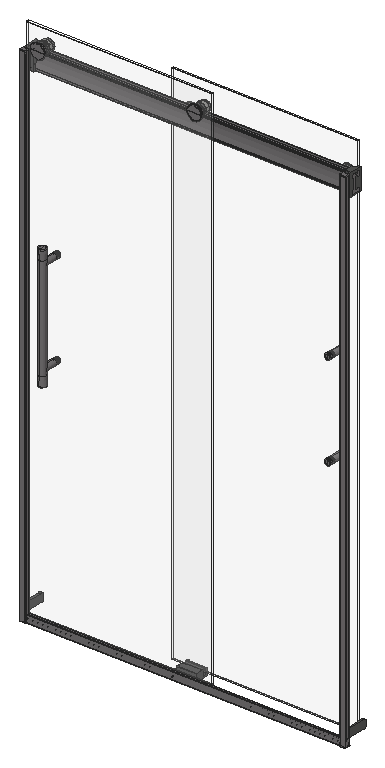
Revit family "Shower-Shower_Door-KOHLER-Elmbrook-K-706852_1", category Specialty Equipment, host Face, Revit 2022 (continued)
Definition of nested family "K-706852"
  Automatic sketch dimensions
    Revolve 23 sketch curve to Revolve 23 sketch curve = 1.9474"
    level to Revolve 23 sketch curve = 32.55626"
    Revolve 23 sketch curve to Revolve 23 sketch curve = 0.00016"
    Revolve 23 sketch curve to Revolve 23 sketch curve = 0.19606"
    Revolve 23 sketch curve to Revolve 23 sketch curve = 0.1978"  (x2)
    Revolve 23 sketch curve to Revolve 23 sketch curve = 0.19427"
    Revolve 23 sketch curve to Revolve 23 sketch curve = 0.04399"
    plane 1 "Center (Front/Back)" to Revolve 24 sketch curve = 0.4188"
    Revolve 24 sketch curve to Revolve 24 sketch curve = 0.289"
    Revolve 24 sketch curve to Revolve 24 sketch curve = 0.32266"
    Revolve 24 sketch curve to Revolve 24 sketch curve = 1.9474"
    level to Revolve 24 sketch curve = 45.95052"
    Revolve 24 sketch curve to Revolve 24 sketch curve = 0.1978"  (x2)
    Revolve 24 sketch curve to Revolve 24 sketch curve = 0.1959"
    Revolve 24 sketch curve to Revolve 24 sketch curve = 0.39386"
    Revolve 24 sketch curve to Revolve 24 sketch curve = 0.19427"
    Revolve 24 sketch curve to Revolve 24 sketch curve = 0.04399"
    plane 1 "Center (Front/Back)" to Revolve 25 sketch curve = 2.50044"
    Revolve 25 sketch curve to Revolve 25 sketch curve = 0.52471"
    level to Revolve 25 sketch curve = 30.99378"
    Revolve 25 sketch curve to Revolve 25 sketch curve = 16.91346"
    Revolve 25 sketch curve to Revolve 25 sketch curve = 0"
    Revolve 25 sketch curve to Revolve 25 sketch curve = 0.98425"
    Revolve 25 sketch curve to Revolve 25 sketch curve = 2.16535"
    plane 1 "Center (Front/Back)" to Extrusion 26 sketch curve = 1.12353"
    Extrusion 26 sketch curve to plane 1 "Center (Front/Back)" = 1.71523"
    level to Extrusion 26 sketch curve = 1.05363"
    Extrusion 26 sketch curve to Extrusion 26 sketch curve = 1.07373"
    plane 1 "Center (Front/Back)" to Extrusion 27 sketch curve = 1.15678"
    Extrusion 27 sketch curve to plane 1 "Center (Front/Back)" = 1.46195"
    Extrusion 27 sketch curve to Extrusion 27 sketch curve = 0.00562"
    Extrusion 27 sketch curve to Extrusion 27 sketch curve = 0.25328"
    level to Extrusion 27 sketch curve = 1.05363"
    Extrusion 27 sketch curve to Extrusion 27 sketch curve = 0.5728"
    plane 1 "Center (Front/Back)" to Revolve 28 sketch curve = 0.00084"
    Revolve 28 sketch curve to plane 1 "Center (Front/Back)" = 0.18617"
    Revolve 28 sketch curve to Revolve 28 sketch curve = 0.18701"
    Revolve 28 sketch curve to Revolve 28 sketch curve = 0.04912"
    Revolve 28 sketch curve to Revolve 28 sketch curve = 0.14598"
    Revolve 28 sketch curve to Revolve 28 sketch curve = 0.18733"
    Revolve 28 sketch curve to Revolve 28 sketch curve = 0.0319"
    Revolve 28 sketch curve to plane 1 "Center (Front/Back)" = 0.85345"
    Revolve 28 sketch curve to Revolve 28 sketch curve = 0.28035"
    Revolve 28 sketch curve to Revolve 28 sketch curve = 0.04889"
    Revolve 28 sketch curve to Revolve 28 sketch curve = 0.52474"
    Revolve 28 sketch curve to Revolve 28 sketch curve = 0.02846"
    Revolve 28 sketch curve to Revolve 28 sketch curve = 0.043"
    Revolve 28 sketch curve to Revolve 28 sketch curve = 0.03165"
    Revolve 28 sketch curve to Revolve 28 sketch curve = 0.03767"
    level to Revolve 28 sketch curve = 67.03334"
    Revolve 28 sketch curve to Revolve 28 sketch curve = 0.60422"
    Revolve 28 sketch curve to Revolve 28 sketch curve = 0.01613"
    Revolve 28 sketch curve to Revolve 28 sketch curve = 0.00616"
    Revolve 28 sketch curve to Revolve 28 sketch curve = 0.8462"
    Revolve 28 sketch curve to Revolve 28 sketch curve = 0.03122"
    Revolve 28 sketch curve to Revolve 28 sketch curve = 0.07583"
    Revolve 28 sketch curve to Revolve 28 sketch curve = 0.17616"
    Revolve 28 sketch curve to Revolve 28 sketch curve = 0.02921"
    Revolve 28 sketch curve to Revolve 28 sketch curve = 0.20814"
    Revolve 28 sketch curve to Revolve 28 sketch curve = 0.28535"
    Revolve 28 sketch curve to Revolve 28 sketch curve = 0.1928"
    Revolve 28 sketch curve to Revolve 28 sketch curve = 0.25792"
    Revolve 28 sketch curve to Revolve 28 sketch curve = 0"  (x2)
    Revolve 28 sketch curve to Revolve 28 sketch curve = 0.01571"
    Revolve 28 sketch curve to Revolve 28 sketch curve = 0.45341"
    plane 1 "Center (Front/Back)" to Revolve 29 sketch curve = 0.00084"
    Revolve 29 sketch curve to plane 1 "Center (Front/Back)" = 0.73839"
    Revolve 29 sketch curve to Revolve 29 sketch curve = 0.28035"
    Revolve 29 sketch curve to Revolve 29 sketch curve = 0.65431"
    level to Revolve 29 sketch curve = 67.63936"
    Revolve 29 sketch curve to Revolve 29 sketch curve = 0.17347"
    Revolve 29 sketch curve to Revolve 29 sketch curve = 0.17376"
    Revolve 29 sketch curve to Revolve 29 sketch curve = 0.30846"
    Revolve 29 sketch curve to Revolve 29 sketch curve = 0.33514"
    Revolve 29 sketch curve to Revolve 29 sketch curve = 0.01571"
    Revolve 29 sketch curve to Revolve 29 sketch curve = 0.45341"
    Revolve 29 sketch curve to Revolve 29 sketch curve = 0"
    Revolve 30 sketch curve to plane 1 "Center (Front/Back)" = 2.93157"
    Revolve 30 sketch curve to plane 1 "Center (Front/Back)" = 0.79099"
    Revolve 30 sketch curve to Revolve 30 sketch curve = 0.32266"
    Revolve 30 sketch curve to plane 1 "Center (Front/Back)" = 0.17934"
    level to Revolve 30 sketch curve = 32.55626"
    Revolve 30 sketch curve to Revolve 30 sketch curve = 0.00016"
    Revolve 30 sketch curve to Revolve 30 sketch curve = 0.19606"
    Revolve 30 sketch curve to Revolve 30 sketch curve = 0.1978"  (x2)
    Revolve 30 sketch curve to Revolve 30 sketch curve = 0.04399"
    plane 1 "Center (Front/Back)" to Revolve 30 sketch curve = 0.01493"
    Revolve 31 sketch curve to plane 1 "Center (Front/Back)" = 2.98226"
    Revolve 31 sketch curve to plane 1 "Center (Front/Back)" = 0.85589"
    Revolve 31 sketch curve to Revolve 31 sketch curve = 0.02555"
    Revolve 31 sketch curve to Revolve 31 sketch curve = 0.03934"
    Revolve 31 sketch curve to Revolve 31 sketch curve = 0.30204"
    Revolve 31 sketch curve to Revolve 31 sketch curve = 0.02062"
    Revolve 31 sketch curve to Revolve 31 sketch curve = 0.0381"
    Revolve 31 sketch curve to Revolve 31 sketch curve = 0.02644"
    Revolve 31 sketch curve to plane 1 "Center (Front/Back)" = 0.20162"
    Revolve 31 sketch curve to Revolve 31 sketch curve = 0.02229"
    level to Revolve 31 sketch curve = 32.55626"
    Revolve 31 sketch curve to Revolve 31 sketch curve = 0.00016"
    Revolve 31 sketch curve to Revolve 31 sketch curve = 1/64"
    Revolve 31 sketch curve to Revolve 31 sketch curve = 0.0158"
    Revolve 31 sketch curve to Revolve 31 sketch curve = 0.15948"
    Revolve 31 sketch curve to Revolve 31 sketch curve = 0.39386"
    Revolve 31 sketch curve to Revolve 31 sketch curve = 0.06461"
    plane 1 "Center (Front/Back)" to Revolve 31 sketch curve = 0.01493"
    Revolve 31 sketch curve to Revolve 31 sketch curve = 0.1978"
    Revolve 32 sketch curve to plane 1 "Center (Front/Back)" = 3.02679"
    Revolve 32 sketch curve to Revolve 32 sketch curve = 0.52471"
    level to Revolve 32 sketch curve = 30.99378"
    Revolve 32 sketch curve to Revolve 32 sketch curve = 16.91346"
    Revolve 32 sketch curve to Revolve 32 sketch curve = 0"
    Revolve 32 sketch curve to Revolve 32 sketch curve = 0.98425"
    Revolve 32 sketch curve to Revolve 32 sketch curve = 2.16535"
    Revolve 33 sketch curve to plane 1 "Center (Front/Back)" = 12.46446"  (x2)
    Revolve 33 sketch curve to plane 1 "Center (Front/Back)" = 3.50027"  (x2)
    Revolve 33 sketch curve to Revolve 33 sketch curve = 0.04104"
    Revolve 33 sketch curve to Revolve 33 sketch curve = 0.47348"
    level to Revolve 33 sketch curve = 30.99378"
    Revolve 33 sketch curve to Revolve 33 sketch curve = 0.05323"  (x2)
    Revolve 33 sketch curve to Revolve 33 sketch curve = 1.3035"  (x2)
    Revolve 33 sketch curve to Revolve 33 sketch curve = 14.2"
    Revolve 33 sketch curve to Revolve 33 sketch curve = 0.43244"
    Revolve 33 sketch curve to Revolve 33 sketch curve = 0.98425"
    Revolve 33 sketch curve to Revolve 33 sketch curve = 0.80862"
    Revolve 34 sketch curve to plane 1 "Center (Front/Back)" = 2.91893"
    Revolve 34 sketch curve to plane 1 "Center (Front/Back)" = 0.79099"
    Revolve 34 sketch curve to Revolve 34 sketch curve = 0.32266"
    Revolve 34 sketch curve to plane 1 "Center (Front/Back)" = 0.17934"
    level to Revolve 34 sketch curve = 45.95052"
    Revolve 34 sketch curve to Revolve 34 sketch curve = 0.1978"  (x2)
    Revolve 34 sketch curve to Revolve 34 sketch curve = 0.1959"
    Revolve 34 sketch curve to Revolve 34 sketch curve = 0.39386"
    Revolve 34 sketch curve to Revolve 34 sketch curve = 0.04399"
    plane 1 "Center (Front/Back)" to Revolve 34 sketch curve = 0.01493"
    Revolve 35 sketch curve to plane 1 "Center (Front/Back)" = 2.89988"
    Revolve 35 sketch curve to plane 1 "Center (Front/Back)" = 0.85589"
    Revolve 35 sketch curve to Revolve 35 sketch curve = 0.02555"
    Revolve 35 sketch curve to Revolve 35 sketch curve = 0.03934"
    Revolve 35 sketch curve to Revolve 35 sketch curve = 0.30204"
    Revolve 35 sketch curve to Revolve 35 sketch curve = 0.02062"
    Revolve 35 sketch curve to Revolve 35 sketch curve = 0.0381"
    Revolve 35 sketch curve to Revolve 35 sketch curve = 0.02644"
    Revolve 35 sketch curve to plane 1 "Center (Front/Back)" = 0.20162"
    Revolve 35 sketch curve to Revolve 35 sketch curve = 0.02229"
    level to Revolve 35 sketch curve = 45.95052"
    Revolve 35 sketch curve to Revolve 35 sketch curve = 0.1978"
    Revolve 35 sketch curve to Revolve 35 sketch curve = 0.14525"
    Revolve 35 sketch curve to Revolve 35 sketch curve = 0.16734"
    Revolve 35 sketch curve to Revolve 35 sketch curve = 0.00774"
    Revolve 35 sketch curve to Revolve 35 sketch curve = 0.0131"
    Revolve 35 sketch curve to Revolve 35 sketch curve = 0.06461"
    plane 1 "Center (Front/Back)" to Revolve 35 sketch curve = 0.01493"
    Revolve 35 sketch curve to Revolve 35 sketch curve = 0"
    Masking region 3 sketch curve to plane 5 = 0"
    plane 7 to Masking region 3 sketch curve = 0"
    plane 18 to Masking region 3 sketch curve = 0"
    Masking region 3 sketch curve to level = 0"
    Masking region 3 sketch curve to plane 20 = 0.05713"
    Masking region 3 sketch curve to plane 20 = 0.05013"
    Masking region 3 sketch curve to plane 6 = 0.00457"
    level to Masking region 3 sketch curve = 0.078"
    Masking region 3 sketch curve to Masking region 3 sketch curve = 0.078"
    Masking region 3 sketch curve to Masking region 3 sketch curve = 70.26064"
    Masking region 3 sketch curve to Masking region 3 sketch curve = 0"
    Masking region 3 sketch curve to Masking region 3 sketch curve = 3.19689"
    level to curve 352 = 0.05725"
    plane 1 "Center (Front/Back)" to curve 352 = 0.99655"
    plane 30 to curve 353 = 0.00862"
    plane 1 "Center (Front/Back)" to curve 353 = 0.45714"
    curve 354 to plane 30 = 0.02896"
    curve 354 to plane 1 "Center (Front/Back)" = 0.5084"
    plane 23 to curve 351 = 0.15717"
    curve 351 to plane 1 "Center (Front/Back)" = 0.8628"
    curve 352 to curve 352 = 0.01492"
    curve 352 to curve 352 = 0.02479"
    curve 353 to plane 30 = 0.01657"
    curve 353 to curve 353 = 0.04464"
    curve 353 to curve 353 = 0.01997"
    curve 354 to curve 354 = 0.03168"
    curve 354 to plane 30 = 0.00037"
    curve 354 to curve 354 = 0.01374"
    curve 351 to curve 351 = 0.00219"
    curve 351 to curve 351 = 0.02165"
    curve 352 to curve 352 = 0.00488"
    curve 351 to curve 351 = 0.00555"
    curve 258 to level = 0"
    curve 153 to plane 27 = 0.00762"
    plane 1 "Center (Front/Back)" to curve 153 = 2.30628"
    plane 28 to curve 152 = 0.00124"
    plane 1 "Center (Front/Back)" to curve 152 = 2.27363"
    plane 23 to curve 280 = 0.21186"
    plane 1 "Center (Front/Back)" to curve 280 = 1.71776"
    curve 280 to curve 319 = 0.055"
    level to curve 257 = 0.07764"
    plane 1 "Center (Front/Back)" to curve 257 = 1.66242"
    plane 23 to curve 338 = 0.05594"
    curve 280 to curve 338 = 0.08805"
    curve 336 to curve 337 = 0.3439"
    curve 316 to curve 315 = 0.41"
    plane 23 to curve 240 = 0.04684"
    curve 336 to curve 240 = 0.11576"
    curve 240 to curve 238 = 0.0317"
    curve 192 to plane 30 = 0.01236"
    curve 190 to curve 192 = 0.60608"
    curve 238 to curve 184 = 0.02782"
    curve 161 to curve 196 = 0.01964"
    curve 161 to curve 163 = 0.0204"
    plane 30 to curve 187 = 0.00565"
    curve 189 to curve 187 = 0.02227"
    level to curve 270 = 0.10816"
    curve 232 to curve 270 = 0.66929"
    curve 269 to curve 267 = 0.01404"
    level to curve 266 = 0.13553"
    curve 267 to curve 266 = 0.02613"
    level to curve 266 = 0.08618"
    curve 269 to curve 266 = 0.04103"
    level to curve 264 = 0.04289"
    curve 268 to curve 264 = 0.03957"
    curve 268 to curve 268 = 0.04431"
    curve 266 to curve 227 = 0.09012"
    curve 230 to curve 214 = 0.01583"
    curve 220 to curve 230 = 0.07622"
    curve 230 to curve 228 = 0"
    curve 228 to curve 216 = 0.0169"
    plane 1 "Center (Front/Back)" to curve 343 = 0.66361"
    curve 220 to curve 229 = 0.1922"
    curve 229 to curve 228 = 0"
    curve 229 to curve 216 = 0.00114"
    plane 1 "Center (Front/Back)" to curve 187 = 0.52642"
    curve 200 to curve 192 = 0.00479"
    level to curve 213 = 0.2109"
    curve 219 to curve 213 = 0.0745"
    curve 201 to plane 30 = 0.01629"
    curve 201 to curve 201 = 0.03982"
    level to curve 226 = 0.21148"
    curve 219 to curve 226 = 0.01604"
    plane 1 "Center (Front/Back)" to curve 350 = 0.44892"
    plane 1 "Center (Front/Back)" to curve 303 = 0.40335"
    plane 1 "Center (Front/Back)" to curve 301 = 0.40335"
    curve 302 to plane 1 "Center (Front/Back)" = 0.12407"
    curve 300 to plane 1 "Center (Front/Back)" = 0.12407"
    curve 199 to plane 1 "Center (Front/Back)" = 0.46004"
    curve 203 to curve 198 = 0"
    curve 193 to plane 30 = 0.01506"
    curve 202 to curve 193 = 0.03999"
    level to curve 223 = 0.20409"
    curve 223 to plane 1 "Center (Front/Back)" = 0.70906"
    level to curve 212 = 0.20197"
    curve 223 to curve 212 = 0.01526"
    curve 218 to curve 215 = 0.06509"
    curve 218 to curve 222 = 0.00353"
    curve 280 to plane 1 "Center (Front/Back)" = 0.85811"
    curve 190 to curve 170 = 0.00096"
    plane 30 to curve 168 = 0.00088"
    curve 170 to curve 168 = 0.00009"
    curve 170 to curve 193 = 0.01296"
    curve 280 to curve 195 = 0.01937"
    curve 197 to curve 166 = 0.01234"
    curve 166 to curve 194 = 0.02239"
    plane 23 to curve 167 = 0.02167"
    curve 195 to curve 167 = 0.03957"
    curve 167 to curve 165 = 0.02269"
    curve 224 to curve 222 = 0.19346"
    curve 225 to curve 217 = 0.00378"
    curve 190 to curve 181 = 0.16339"
    level to curve 211 = 0.23334"
    curve 217 to curve 211 = 0.09478"
    level to curve 221 = 0.23483"
    curve 217 to curve 221 = 0.01374"
    plane 28 to curve 151 = 0.00124"
    curve 156 to plane 27 = 0.00762"
    curve 222 to curve 218 = 0.07749"
    level to curve 228 = 0.12448"
    curve 228 to curve 213 = 0.08642"
    curve 267 to curve 266 = 0.00046"
    curve 228 to curve 216 = 0.01572"
    curve 222 to curve 215 = 0.01572"
    curve 227 to curve 214 = 0.01839"
    curve 343 to plane 28 = 0.39109"
    curve 349 to plane 27 = 0.37279"
    plane 27 to curve 349 = 0.33657"
    curve 188 to plane 24 = 0.01373"
    curve 185 to plane 24 = 0.01363"
    plane 24 to curve 191 = 0.0097"
    curve 203 to curve 198 = 0.02"
    curve 200 to curve 192 = 0.00676"
    curve 203 to curve 202 = 0"
    plane 30 to curve 234 = 0.03361"
    curve 190 to curve 181 = 0.53942"
    plane 30 to curve 302 = 0.82009"
    curve 303 to curve 302 = 0"
    curve 318 to curve 334 = 0.79909"
    curve 319 to curve 318 = 0"
    curve 300 to curve 290 = 0.7727"
    curve 301 to curve 300 = 0"
    curve 315 to curve 317 = 1/16"
    curve 319 to curve 316 = 1/16"
    curve 280 to curve 194 = 0.06796"
    curve 160 to curve 163 = 0"
    curve 163 to curve 238 = 0.01908"
    plane 23 to curve 183 = 0.01944"
    curve 164 to plane 23 = 0.00023"
    plane 26 to curve 278 = 0.06743"
    curve 278 to curve 152 = 0.23515"
    curve 274 to plane 25 "Z" = 19/256"
    curve 274 to curve 153 = 0.2025"
    curve 152 to curve 152 = 0.32737"  (x2)
    curve 153 to curve 153 = 0.29472"
    curve 273 to curve 153 = 0.29472"
    curve 153 to curve 273 = 0"
    curve 279 to curve 152 = 0"
    curve 279 to curve 279 = 0.86791"
    curve 273 to curve 273 = 0.86791"
    curve 274 to curve 274 = 1.05245"
    curve 278 to curve 278 = 1.05245"
    curve 153 to curve 154 = 0.52445"
    curve 152 to curve 150 = 0.4918"
    curve 157 to curve 234 = 0.06383"
    curve 238 to curve 280 = 0.05901"
    curve 158 to curve 232 = 0.11256"
    curve 157 to curve 256 = 0.02726"
    curve 158 to curve 235 = 0.02065"
    curve 256 to curve 236 = 0.02334"
    curve 235 to curve 255 = 0.02334"
    curve 255 to curve 254 = 0.01323"
    curve 280 to curve 332 = 1/64"
    curve 332 to curve 331 = 0.00837"
    curve 190 to curve 305 = 0.0266"
    curve 331 to curve 305 = 0.00261"
    curve 305 to curve 253 = 0.00031"
    curve 234 to curve 253 = 0.02693"
    curve 254 to curve 237 = 0.02694"
    curve 204 to curve 336 = 0.04972"
    curve 305 to curve 335 = 0.01339"
    curve 253 to curve 306 = 0.01402"
    curve 335 to curve 306 = 0.00096"
    plane 23 to curve 333 = 0.09564"
    curve 335 to curve 333 = 0.00965"
    curve 306 to curve 252 = 0.01441"
    curve 306 to curve 333 = 0.01441"
    curve 204 to curve 207 = 0.02565"
    plane 23 to curve 329 = 0.09564"
    curve 333 to curve 329 = 0.01984"
    curve 333 to curve 329 = 0.01463"
    curve 329 to curve 326 = 0.01126"
    curve 326 to curve 338 = 0.00124"
    curve 207 to curve 206 = 0.03255"
    curve 326 to curve 307 = 0.01774"
    curve 319 to curve 313 = 0.044"
    curve 307 to curve 316 = 0.016"
    curve 206 to curve 205 = 0.04154"
    curve 346 to curve 312 = 0.08306"
    plane 23 to curve 325 = 0.09564"
    curve 205 to curve 325 = 0.09643"
    curve 312 to curve 325 = 0.10016"
    plane 23 to curve 327 = 0.09564"
    curve 325 to curve 327 = 0.008"  (x2)
    curve 232 to curve 259 = 0.19113"
    curve 327 to curve 328 = 0.02688"
    plane 1 "Center (Front/Back)" to curve 241 = 1.44117"
    curve 259 to curve 260 = 0.03012"
    curve 150 to curve 241 = 0.34066"
    plane 23 to curve 328 = 0.09564"
    curve 327 to curve 328 = 0.035"
    curve 328 to curve 324 = 0.008"  (x2)
    plane 23 to curve 324 = 0.09564"
    curve 312 to curve 311 = 0.243"
    curve 318 to curve 315 = 0.06"
    curve 318 to curve 314 = 0.016"
    curve 317 to curve 310 = 0.016"
    curve 310 to curve 323 = 0.01774"
    curve 323 to curve 337 = 0.00017"
    curve 252 to curve 243 = 0.39366"
    curve 260 to curve 251 = 0.17241"
    curve 323 to curve 330 = 0.01126"
    plane 23 to curve 330 = 0.09564"
    curve 337 to curve 330 = 0.01159"
    curve 330 to curve 334 = 0.01463"
    curve 243 to curve 242 = 0.016"
    curve 251 to curve 250 = 0.016"
    plane 23 to curve 334 = 0.09653"
    curve 330 to curve 334 = 0.0198"
    curve 334 to curve 322 = 0.00969"
    curve 250 to curve 244 = 0.055"
    curve 242 to curve 249 = 0.055"
    curve 321 to curve 238 = 0.04618"
    plane 23 to curve 240 = 0.01544"
    curve 244 to curve 246 = 0.03657"
    curve 191 to curve 169 = 0.00112"
    curve 163 to curve 298 = 0.02637"
    curve 298 to curve 297 = 0.016"
    curve 347 to curve 347 = 0.12031"
    curve 159 to curve 180 = 0.05"
    curve 248 to curve 269 = 0.04776"
    curve 297 to curve 299 = 0.016"
    curve 270 to curve 269 = 0.03052"
    curve 257 to curve 266 = 0.02953"
    curve 257 to curve 258 = 0.00987"
    curve 299 to curve 296 = 0.20487"
    curve 296 to curve 295 = 0.016"
    curve 295 to curve 293 = 0.016"
    curve 293 to curve 294 = 0.028"
    curve 294 to curve 292 = 0.016"
    curve 180 to curve 179 = 0.312"
    level to curve 264 = 0.00307"
    curve 228 to curve 264 = 0.01945"
    curve 179 to curve 177 = 0.2"
    curve 200 to plane 30 = 0.01631"
    curve 198 to curve 201 = 0"
    curve 177 to curve 178 = 0.06453"
    curve 178 to curve 176 = 0.0204"
    plane 29 to curve 213 = 0.06326"
    curve 214 to curve 213 = 0.40513"
    curve 213 to curve 261 = 0.00379"
    curve 213 to curve 226 = 0.01601"
    curve 176 to curve 175 = 0.04977"
    plane 1 "Center (Front/Back)" to curve 174 = 0.02156"
    curve 173 to plane 1 "Center (Front/Back)" = 0.03693"
    curve 172 to plane 1 "Center (Front/Back)" = 0.30435"
    curve 172 to curve 159 = 0.03958"
    curve 290 to curve 202 = 0.00592"
    curve 290 to curve 287 = 0.016"
    curve 202 to curve 202 = 0.01669"
    curve 287 to curve 285 = 0.016"
    curve 168 to plane 30 = 0.00037"
    curve 168 to curve 193 = 0.00537"
    curve 285 to curve 286 = 0.028"
    curve 286 to curve 284 = 0.016"
    curve 284 to curve 291 = 0.016"
    curve 223 to plane 1 "Center (Front/Back)" = 0.66454"
    curve 223 to curve 212 = 0.01515"
    curve 231 to curve 171 = 0.21187"
    curve 164 to curve 195 = 0.17231"
    curve 283 to curve 280 = 0.101"
    curve 283 to curve 288 = 0.016"
    curve 288 to curve 282 = 0.016"
    curve 289 to curve 190 = 0.016"
    curve 160 to curve 195 = 0.01249"
    curve 169 to curve 171 = 0.00054"
    plane 30 to curve 182 = 0.38869"
    curve 182 to curve 181 = 0.00644"
    curve 368 to curve 157 = 0.31297"
    curve 212 to curve 211 = 0.4196"
    curve 211 to curve 262 = 0.00964"
    curve 211 to curve 221 = 0.01371"
    curve 221 to curve 158 = 0.15768"
    curve 262 to curve 262 = 0.18025"
    plane 30 to curve 209 = 0.07809"
    curve 182 to curve 209 = 0.52518"
    curve 209 to curve 208 = 0.0394"
    curve 208 to curve 210 = 0.06704"
    curve 275 to plane 25 "Z" = 0.0714"
    curve 156 to curve 275 = 0.05601"
    plane 26 to curve 277 = 0.0948"
    curve 151 to curve 277 = 0.22715"
    curve 156 to curve 272 = 0.14864"
    curve 151 to curve 151 = 0.31548"  (x2)
    curve 156 to curve 156 = 0.14864"
    curve 276 to curve 151 = 0"
    curve 156 to curve 272 = 0"
    curve 276 to curve 276 = 0.86791"
    curve 272 to curve 272 = 0.86791"
    curve 275 to curve 275 = 1.04199"
    curve 277 to curve 277 = 1.03963"
    curve 258 to curve 257 = 0.02527"
    curve 254 to curve 232 = 0"
    curve 254 to curve 237 = 0"
    curve 254 to curve 235 = 0.00056"
    curve 254 to curve 255 = 0.00056"
    plane 29 to curve 263 = 0.00533"
    curve 235 to curve 256 = 1.07395"
    curve 276 to plane 28 = 0.5992"
    curve 279 to plane 28 = 0.5992"
    curve 150 to plane 28 = 0.39276"
    curve 279 to curve 152 = 53/256"
    curve 276 to curve 151 = 53/256"
    curve 347 to plane 28 = 0.33859"
    plane 28 to curve 150 = 0.39464"
    curve 150 to curve 241 = 0.59447"
    curve 153 to plane 27 = 0.40103"
    curve 156 to plane 27 = 0.40103"
    curve 154 to plane 27 = 0.40103"
    plane 27 to curve 154 = 0.38578"
    plane 27 to curve 272 = 0.59281"
    plane 27 to curve 273 = 0.59281"
    curve 241 to plane 24 = 3.83186"
    curve 312 to plane 24 = 1.21283"
    curve 208 to curve 209 = 0.00779"
    curve 208 to curve 210 = 0.03416"
    curve 181 to curve 280 = 0.7823"
    curve 181 to curve 210 = 0.28301"
    curve 210 to curve 209 = 0.0222"
    curve 209 to curve 208 = 0.00967"
    curve 166 to curve 195 = 0.01049"
    curve 326 to curve 338 = 0.0002"
    curve 323 to curve 337 = 0.0002"
    plane 22 to curve 176 = 0.25658"
    curve 176 to curve 175 = 0"
    plane 22 to curve 173 = 0.48025"
    curve 174 to curve 173 = 0"
    curve 176 to curve 178 = 0.28374"
    curve 177 to curve 178 = 0"
    curve 177 to curve 180 = 0.14427"
    curve 173 to curve 172 = 0.23379"
    curve 177 to curve 179 = 0.18034"
    curve 180 to curve 207 = 0.30483"
    curve 207 to curve 205 = 0.00964"
    curve 207 to curve 206 = 0.01707"
    Extrusion 11 sketch curve to plane 5 = 0"
    plane 8 to Extrusion 11 sketch curve = 0.00476"
    Extrusion 11 sketch curve to plane 6 = 0.77087"
    plane 36 to Extrusion 11 sketch curve = 0.0074"  (x2)
    Extrusion 11 sketch curve to Extrusion 11 sketch curve = 0.77087"
    Extrusion 11 sketch curve to plane 36 = 0.00182"  (x2)
    plane 39 to Extrusion 11 sketch curve = 0.523"  (x2)
    plane 39 to Extrusion 11 sketch curve = 0.51377"  (x2)
    Extrusion 2 sketch curve to plane 5 = 0"
    Extrusion 2 sketch curve to plane 7 = 0"
    Extrusion 2 sketch curve to plane 36 = 0"
    Extrusion 2 sketch curve to plane 6 = 0"
    Extrusion 2 sketch curve to plane 36 = 0.00026"
    plane 8 to Extrusion 2 sketch curve = 0.12023"
    Extrusion 2 sketch curve to plane 39 = 0.00975"
    Extrusion 2 sketch curve to Extrusion 2 sketch curve = 0.00293"
    plane 8 to Extrusion 2 sketch curve = 0.11466"
    Extrusion 2 sketch curve to Extrusion 2 sketch curve = 0.00279"  (x2)
    Extrusion 2 sketch curve to Extrusion 2 sketch curve = 0.10663"
    Extrusion 2 sketch curve to plane 39 = 0.00949"
    Extrusion 2 sketch curve to Extrusion 2 sketch curve = 0.11206"
    plane 36 to Extrusion 2 sketch curve = 0.0169"
    plane 36 to Extrusion 2 sketch curve = 0.01702"
    Extrusion 2 sketch curve to Extrusion 2 sketch curve = 0.04646"  (x2)
    plane 39 to Extrusion 2 sketch curve = 0.4055"
    plane 39 to Extrusion 2 sketch curve = 0.40576"
    plane 39 to Extrusion 2 sketch curve = 0.45303"
    Extrusion 2 sketch curve to Extrusion 2 sketch curve = 0.04201"  (x2)
    plane 39 to Extrusion 2 sketch curve = 0.49504"
    curve 128 to plane 23 = 0"
    curve 125 to plane 29 = 0"
    curve 145 to plane 22 = 0"
    plane 15 "C" to curve 147 = 0"
    curve 132 to plane 28 = 0"
    curve 130 to plane 27 = 0"
    curve 121 to plane 30 = 0"
    curve 120 to plane 6 = 0"
    curve 127 to plane 21 = 0"
    plane 26 to curve 140 = 0.04907"
    curve 140 to plane 10 "F" = 0.4773"
    plane 28 to curve 359 = 0.10305"
    curve 359 to plane 10 "F" = 0.43204"
    curve 356 to plane 25 "Z" = 0.05676"
    curve 356 to plane 10 "F" = 0.39947"
    plane 10 "F" to curve 358 = 0.43251"
    plane 26 to curve 137 = 0.0027"
    plane 10 "F" to curve 137 = 0.46982"
    plane 25 "Z" to curve 134 = 0.00104"
    plane 10 "F" to curve 134 = 0.47444"
    curve 360 to curve 141 = 0.06003"
    curve 357 to curve 144 = 0.05781"
    curve 145 to plane 9 "G" = 0.0123"
    plane 8 to curve 124 = 0.00476"
    plane 27 to curve 143 = 0.68532"
    plane 3 "Center (Left/Right)" to curve 139 = 0.73748"
    plane 3 "Center (Left/Right)" to curve 142 = 7.87172"
    curve 132 to plane 16 "B" = 0"
    curve 130 to plane 16 "B" = 0"
    level to curve 124 = 0.078"
    curve 147 to plane 22 = 0.00077"
    plane 13 to curve 148 = 0.35737"
    curve 357 to curve 356 = 0.00523"
    plane 10 "F" to curve 146 = 0.77657"
    curve 129 to plane 20 = 0.05013"
    curve 128 to plane 20 = 0.05713"
    level to curve 126 = 0.078"
    curve 133 to plane 28 = 0.3937"
    curve 130 to plane 27 = 0.3937"
    curve 6 to plane 5 = 0"
    curve 4 to plane 5 = 0"
    curve 5 to plane 20 = 0"
    curve 62 to plane 19 = 0"
    curve 18 to plane 19 = 0"
    curve 13 to plane 19 = 0"
    curve 12 to plane 10 "F" = 0"
    curve 25 to plane 39 = 0"
    curve 363 to plane 12 = 0"
    curve 361 to plane 12 = 0"
    curve 115 to plane 12 = 0"
    curve 362 to plane 12 = 0"
    curve 90 to plane 39 = 0"
    curve 115 to plane 13 = 0"
    curve 361 to plane 13 = 0"
    curve 362 to plane 13 = 0"
    curve 91 to plane 39 = 0"
    curve 355 to plane 35 = 0"
    plane 35 to curve 106 = 0"
    plane 35 to curve 108 = 0"
    curve 102 to plane 7 = 0"
    curve 100 to plane 7 = 0"
    curve 99 to plane 7 = 0"
    plane 35 to curve 104 = 0"
    curve 105 to plane 6 = 0"
    curve 103 to plane 6 = 0"
    curve 12 to plane 38 = 0"
    curve 361 to plane 35 = 0"
    plane 20 to curve 8 = 0.00573"
    plane 20 to curve 7 = 0.16787"
    plane 8 to curve 64 = 0.04917"
    curve 3 to plane 8 = 0.00106"
    plane 19 to curve 26 = 0.03718"
    plane 39 to curve 28 = 0.0447"
    curve 28 to plane 19 = 0.33472"
    curve 28 to curve 32 = 0.01039"
    curve 31 to curve 31 = 0.02231"
    plane 1 "Center (Front/Back)" to curve 40 = 0.38373"
    curve 40 to plane 19 = 0.5876"
    plane 1 "Center (Front/Back)" to curve 41 = 0.00972"
    curve 41 to curve 40 = 0"
    curve 48 to curve 51 = 0.02122"
    curve 38 to curve 51 = 0.04498"
    curve 48 to curve 44 = 0.19507"
    curve 42 to curve 48 = 0.07211"
    plane 1 "Center (Front/Back)" to curve 49 = 0.19673"
    plane 9 "G" to curve 49 = 0.51877"
    curve 49 to curve 45 = 0.02008"
    curve 49 to curve 53 = 0.14894"
    curve 50 to curve 54 = 0.04498"
    curve 42 to curve 40 = 0.19507"
    plane 39 to curve 30 = 0.06057"
    plane 10 "F" to curve 30 = 0.77938"
    plane 39 to curve 29 = 0.04397"
    curve 30 to curve 29 = 0.03258"
    plane 10 "F" to curve 27 = 0.40817"
    plane 39 to curve 90 = 0.68903"
    plane 13 to curve 90 = 1.03093"
    plane 13 to curve 74 = 0.09396"
    plane 1 "Center (Front/Back)" to curve 75 = 0.02156"
    plane 13 to curve 75 = 0.09396"
    plane 13 to curve 67 = 0.07504"
    curve 75 to curve 76 = 0.0243"
    curve 85 to curve 82 = 0.01404"
    plane 13 to curve 77 = 0.03005"
    plane 13 to curve 85 = 0.02173"
    curve 69 to plane 13 = 0.10112"
    curve 80 to plane 13 = 0.12723"
    plane 1 "Center (Front/Back)" to curve 81 = 0.2088"
    curve 81 to plane 15 "C" = 0.52328"
    curve 81 to curve 69 = 0.02795"
    curve 81 to curve 84 = 0.15307"
    curve 84 to curve 83 = 0.00597"
    curve 77 to curve 86 = 0.02625"
    curve 76 to plane 1 "Center (Front/Back)" = 0.03647"
    curve 84 to curve 76 = 0.04557"
    curve 69 to curve 74 = 0.19499"
    curve 76 to curve 75 = 0.0243"
    curve 91 to plane 3 "Center (Left/Right)" = 0.51048"
    curve 65 to plane 3 "Center (Left/Right)" = 0.19855"
    curve 8 to plane 3 "Center (Left/Right)" = 0.05655"
    curve 113 to plane 16 "B" = 0.00087"
    curve 103 to plane 7 = 0.11069"
    curve 31 to curve 31 = 0.01739"
    plane 39 to curve 102 = 0.41921"
    curve 64 to curve 26 = 0.13463"
    curve 6 to curve 5 = 0"
    plane 39 to curve 91 = 0.59146"
    plane 39 to curve 27 = 77/128"
    curve 4 to curve 8 = 0.108"
    curve 65 to curve 65 = 0.14155"
    curve 8 to curve 7 = 0.156"
    curve 67 to curve 80 = 0.13211"
    curve 68 to curve 69 = 0.08299"
    curve 42 to curve 49 = 0.04912"
    curve 39 to plane 1 "Center (Front/Back)" = 0.04877"
    curve 76 to curve 85 = 0.25754"
    curve 76 to curve 87 = 0.25852"
    curve 39 to curve 38 = 0.26202"
    curve 83 to curve 83 = 0.02625"
    curve 38 to curve 50 = 0.04498"
    curve 113 to plane 32 = 0.02929"
    plane 5 to curve 1 = 0.00014"
    curve 1 to plane 20 = 0.00006"
    plane 20 to curve 7 = 0.00573"
    curve 31 to curve 33 = 0.0004"
    plane 39 to curve 28 = 0.00225"
    curve 33 to curve 28 = 0.02217"
    curve 15 to curve 40 = 0.05875"
    curve 15 to curve 20 = 0.00045"
    curve 23 to curve 26 = 0.04609"
    curve 23 to curve 22 = 0.01118"
    curve 61 to curve 41 = 0.00318"
    curve 9 to curve 44 = 0.1857"
    curve 43 to curve 44 = 0"
    curve 48 to curve 55 = 0.05086"
    curve 42 to curve 59 = 0.2241"
    curve 97 to curve 42 = 0.21357"
    curve 92 to plane 1 "Center (Front/Back)" = 0.02288"
    curve 92 to curve 49 = 0.1611"
    curve 43 to curve 45 = 0"
    curve 43 to curve 9 = 0.16764"
    curve 27 to curve 9 = 0"
    curve 49 to curve 94 = 0.00394"
    curve 27 to curve 34 = 0.03715"
    curve 34 to curve 35 = 0.0117"
    curve 40 to curve 57 = 0.06917"
    curve 57 to curve 58 = 0.00052"
    plane 39 to curve 29 = 0.00225"
    curve 29 to curve 29 = 0.02126"
    curve 32 to curve 27 = 0.00135"
    plane 10 "F" to curve 12 = 0.40128"
    plane 10 "F" to curve 10 = 0.39531"
    curve 27 to curve 34 = 0.01447"
    curve 10 to curve 11 = 0.03181"
    curve 11 to plane 10 "F" = 0.37404"
    curve 12 to plane 10 "F" = 0.38612"
    curve 11 to curve 25 = 0.01948"
    curve 11 to curve 10 = 0.02853"
    plane 13 to curve 90 = 0.36498"
    plane 13 to curve 36 = 0.13106"
    curve 36 to curve 37 = 0.01032"
    curve 85 to curve 87 = 0"
    curve 86 to curve 85 = 0.00047"
    plane 15 "C" to curve 97 = 0.2658"
    plane 1 "Center (Front/Back)" to curve 93 = 0.00512"
    plane 15 "C" to curve 93 = 0.20871"
    plane 1 "Center (Front/Back)" to curve 17 = 0.00512"
    curve 17 to plane 15 "C" = 0.20961"
    curve 73 to plane 15 "C" = 0.2658"
    curve 68 to curve 70 = 0"
    curve 68 to curve 91 = 0.19685"
    curve 91 to curve 99 = 0.02723"
    curve 99 to curve 100 = 0.00901"
    curve 68 to curve 66 = 0.23584"
    curve 74 to curve 96 = 0.06807"
    curve 96 to curve 95 = 0.00012"
    plane 3 "Center (Left/Right)" to curve 65 = 0.00182"
    curve 364 to plane 33 = 0.08176"
    curve 364 to plane 11 "E" = 0.97987"
    curve 364 to curve 118 = 0.00859"
    curve 365 to plane 33 = 0.01064"
    curve 364 to curve 365 = 0.07112"
    curve 116 to plane 35 = 0.312"
    plane 14 "D" to curve 116 = 0.73264"
    curve 116 to curve 355 = 0.02208"
    curve 116 to curve 117 = 0.17616"
    curve 117 to plane 14 "D" = 0.55648"
    curve 117 to curve 355 = 0.15408"
    curve 117 to curve 116 = 0.17616"
    curve 355 to curve 365 = 0.22124"
    curve 365 to curve 118 = 0.06253"
    curve 118 to curve 364 = 0.00859"
    plane 16 "B" to curve 113 = 0.39283"
    plane 35 to curve 111 = 0.04127"
    plane 16 "B" to curve 111 = 0.39283"
    curve 111 to curve 112 = 0"
    curve 112 to curve 107 = 0.03752"
    curve 111 to curve 106 = 0.04127"
    curve 106 to plane 16 "B" = 0.35445"
    curve 106 to curve 107 = 0.00249"
    curve 106 to curve 111 = 0.04011"
    curve 107 to curve 112 = 0.03763"
    curve 113 to plane 16 "B" = 0.39457"
    curve 366 to plane 33 = 0.09834"
    curve 111 to curve 366 = 0.3088"
    curve 366 to curve 114 = 0.01015"
    curve 367 to plane 33 = 0.01308"
    curve 366 to curve 367 = 0.05928"
    curve 112 to curve 109 = 0.59349"
    curve 108 to curve 109 = 0"
    curve 109 to curve 110 = 0.17763"
    plane 17 "A" to curve 110 = 0.532"
    curve 110 to curve 108 = 0.17763"
    curve 110 to curve 109 = 0.17763"
    plane 7 to curve 367 = 0.58987"
    curve 367 to curve 366 = 0.04922"
    curve 366 to curve 114 = 0.00481"
    plane 7 to curve 95 = 0.22345"
    curve 96 to curve 95 = 0"
    plane 1 "Center (Front/Back)" to curve 21 = 0.01434"
    curve 21 to curve 95 = 0"
    curve 17 to curve 21 = 0"
    curve 14 to curve 17 = 0"
    curve 16 to curve 96 = 0"
    plane 7 to curve 13 = 0.22345"
    curve 18 to curve 13 = 0"
    curve 19 to curve 16 = 0"
    plane 18 to curve 104 = 0.04527"
    plane 38 to curve 12 = 0.33808"
    curve 101 to plane 39 = 0.00619"
    curve 3 to plane 39 = 0.00576"
    plane 39 to curve 24 = 0.00225"
    curve 8 to curve 5 = 0.00618"
    curve 24 to curve 11 = 0.312"
    curve 27 to curve 9 = 0.312"
    curve 67 to curve 67 = 0.19151"
    curve 43 to curve 42 = 0.08299"
    curve 66 to curve 363 = 0.23753"
    curve 11 to curve 10 = 0.23753"
    curve 70 to curve 69 = 0.03697"
    curve 43 to curve 44 = 0.03372"
    curve 2 to curve 20 = 0.26478"
    curve 43 to curve 45 = 0.03372"
    curve 97 to curve 72 = 0.02331"
    curve 19 to curve 73 = 0.02331"
    curve 46 to curve 59 = 0.01351"
    curve 59 to curve 60 = 0.00923"
    curve 19 to curve 16 = 0.00923"
    curve 97 to curve 98 = 0.00923"
    curve 61 to curve 41 = 0.00463"
    curve 55 to curve 62 = 0.0046"
    curve 14 to curve 89 = 0.01359"
    curve 63 to plane 1 "Center (Front/Back)" = 0.02288"
    curve 14 to curve 18 = 0.36877"
    curve 18 to curve 13 = 0.00923"
    curve 13 to curve 2 = 0.05499"
    curve 77 to curve 115 = 0.10842"
    curve 117 to curve 116 = 0.19524"
    curve 110 to plane 35 = 129/256"
    curve 112 to plane 35 = 0.34963"
    curve 115 to curve 362 = 0.24265"
    curve 112 to curve 107 = 0.03763"
    curve 104 to curve 104 = 0.312"
    curve 110 to curve 109 = 0.19191"
    curve 105 to plane 35 = 0.08545"
    curve 1 to plane 35 = 0.08389"
    curve 114 to curve 366 = 0.03077"
    curve 118 to curve 364 = 0.04082"
    curve 113 to plane 32 = 0.41865"
    plane 34 to Masking region 2 sketch curve = 0"
    Masking region 2 sketch curve to plane 35 = 0"  (x5)
    Masking region 2 sketch curve to plane 18 = 0.01427"
    Masking region 2 sketch curve to plane 33 = 0.01735"
    plane 18 to Masking region 2 sketch curve = 0.04527"  (x2)
    Masking region 2 sketch curve to Masking region 2 sketch curve = 0.02022"
    Masking region 2 sketch curve to Masking region 2 sketch curve = 0.02058"
    Masking region 2 sketch curve to Masking region 2 sketch curve = 0.02301"
    Masking region 2 sketch curve to Masking region 2 sketch curve = 0.02341"
    plane 7 to Masking region 2 sketch curve = 0.20074"
    Masking region 2 sketch curve to Masking region 2 sketch curve = 0.00039"
    plane 7 to Masking region 2 sketch curve = 0.20241"
    Masking region 2 sketch curve to Masking region 2 sketch curve = 0.00037"
    Masking region 2 sketch curve to Masking region 2 sketch curve = 0.02104"
    plane 35 to Masking region 2 sketch curve = 0.05855"  (x2)
    plane 7 to Masking region 2 sketch curve = 0.31148"
    Masking region 2 sketch curve to plane 33 = 0.09834"
    plane 7 to Masking region 2 sketch curve = 0.54065"
    Masking region 2 sketch curve to Masking region 2 sketch curve = 0.02438"
    Masking region 2 sketch curve to plane 33 = 0.01371"
    Masking region 2 sketch curve to Masking region 2 sketch curve = 0.04886"
    plane 33 to Masking region 2 sketch curve = 0.00109"
    Masking region 2 sketch curve to Masking region 2 sketch curve = 0.02564"
    Masking region 2 sketch curve to Masking region 2 sketch curve = 0.59892"
    Masking region 2 sketch curve to Masking region 2 sketch curve = 0"  (x3)
    Masking region 2 sketch curve to Masking region 2 sketch curve = 0.17763"  (x3)
    Masking region 2 sketch curve to plane 17 "A" = 0.53026"
    Masking region 2 sketch curve to plane 33 = 0.03215"
    Masking region 2 sketch curve to Masking region 2 sketch curve = 0.1982"
    Masking region 2 sketch curve to plane 33 = 0.01308"
    Masking region 2 sketch curve to Masking region 2 sketch curve = 0.06524"
    Masking region 2 sketch curve to plane 33 = 0.09489"
    Masking region 2 sketch curve to Masking region 2 sketch curve = 0.01927"
    Masking region 2 sketch curve to plane 16 "B" = 0.46714"
    Masking region 2 sketch curve to plane 16 "B" = 0.39457"
    plane 35 to Masking region 2 sketch curve = 0.04013"
    Masking region 2 sketch curve to Masking region 2 sketch curve = 0.07257"
    Masking region 2 sketch curve to Masking region 2 sketch curve = 0.03763"  (x2)
    Masking region 2 sketch curve to plane 16 "B" = 0.00087"
    plane 16 "B" to Masking region 2 sketch curve = 45/128"
    Masking region 2 sketch curve to Masking region 2 sketch curve = 0.00375"
    Masking region 2 sketch curve to Masking region 2 sketch curve = 0.03752"
    Masking region 2 sketch curve to Masking region 2 sketch curve = 0.04127"
    plane 35 to Masking region 2 sketch curve = 0.10941"  (x2)
    Masking region 2 sketch curve to plane 14 "D" = 1.1554"
    Masking region 2 sketch curve to plane 33 = 0.08176"  (x2)
    Masking region 2 sketch curve to Masking region 2 sketch curve = 0.15247"
    Masking region 2 sketch curve to Masking region 2 sketch curve = 0.01761"  (x4)
    Masking region 2 sketch curve to plane 33 = 0.01064"  (x2)
    Masking region 2 sketch curve to Masking region 2 sketch curve = 0.07112"
    Masking region 2 sketch curve to Masking region 2 sketch curve = 0.02831"  (x2)
    Masking region 2 sketch curve to Masking region 2 sketch curve = 0.42276"
    Masking region 2 sketch curve to Masking region 2 sketch curve = 0.02208"  (x2)
    Masking region 2 sketch curve to Masking region 2 sketch curve = 0.17616"
    Masking region 2 sketch curve to plane 33 = 0.03895"
    Masking region 2 sketch curve to Masking region 2 sketch curve = 0.19292"
    Masking region 2 sketch curve to Masking region 2 sketch curve = 0.08182"
    Masking region 2 sketch curve to Masking region 2 sketch curve = 0.44483"
    Masking region 2 sketch curve to plane 32 = 0.41865"
    Masking region 2 sketch curve to plane 32 = 0.02929"
    Masking region 2 sketch curve to Masking region 2 sketch curve = 0.01349"
    Masking region 2 sketch curve to Masking region 2 sketch curve = 0.01408"
    Masking region 2 sketch curve to plane 35 = 0.312"  (x2)
    Masking region 2 sketch curve to Masking region 2 sketch curve = 0.312"  (x2)
    Masking region 2 sketch curve to Masking region 2 sketch curve = 0.11962"
    Masking region 2 sketch curve to plane 35 = 0.46506"
    Masking region 2 sketch curve to Masking region 2 sketch curve = 0.19191"  (x2)
    Masking region 2 sketch curve to Masking region 2 sketch curve = 0.19524"  (x2)
    Masking region 2 sketch curve to Masking region 2 sketch curve = 0.21488"
    Masking region 2 sketch curve to Masking region 2 sketch curve = 0.05727"
    Masking region 2 sketch curve to Masking region 2 sketch curve = 0.0606"
    plane 1 "Center (Front/Back)" to Masking region 2 sketch curve = 0.54257"
    plane 1 "Center (Front/Back)" to Masking region 2 sketch curve = 0.574"
    Masking region 2 sketch curve to Masking region 2 sketch curve = 0.52895"
    Masking region 1 sketch curve to plane 39 = 0"
    Masking region 1 sketch curve to plane 13 = 0"
    Masking region 1 sketch curve to plane 12 = 0"  (x2)
    Masking region 1 sketch curve to plane 19 = 0"  (x2)
    Masking region 1 sketch curve to plane 20 = 0"  (x2)
    Masking region 1 sketch curve to plane 5 = 0"
    plane 34 to Masking region 1 sketch curve = 0"
    Masking region 1 sketch curve to plane 7 = 0.11207"
    plane 36 to Masking region 1 sketch curve = 0.0098"
    Masking region 1 sketch curve to plane 7 = 0.11021"
    plane 3 "Center (Left/Right)" to Masking region 1 sketch curve = 0.00182"
    Masking region 1 sketch curve to plane 3 "Center (Left/Right)" = 0.05367"
    Masking region 1 sketch curve to plane 3 "Center (Left/Right)" = 57/256"
    Masking region 1 sketch curve to plane 15 "C" = 0.72756"
    Masking region 1 sketch curve to Masking region 1 sketch curve = 0.17633"
    plane 13 to Masking region 1 sketch curve = 0.01987"
    Masking region 1 sketch curve to plane 10 "F" = 0.40257"
    Masking region 1 sketch curve to plane 10 "F" = 0.39351"
    Masking region 1 sketch curve to Masking region 1 sketch curve = 0.02853"
    Masking region 1 sketch curve to Masking region 1 sketch curve = 0.01472"
    plane 38 to Masking region 1 sketch curve = 0.00022"
    Masking region 1 sketch curve to plane 10 "F" = 0.00313"
    plane 10 "F" to Masking region 1 sketch curve = 0.34949"
    Masking region 1 sketch curve to Masking region 1 sketch curve = 0.01401"
    plane 10 "F" to Masking region 1 sketch curve = 0.3937"
    Masking region 1 sketch curve to Masking region 1 sketch curve = 0.04582"
    Masking region 1 sketch curve to Masking region 1 sketch curve = 0.16276"
    Masking region 1 sketch curve to Masking region 1 sketch curve = 0.45945"
    Masking region 1 sketch curve to Masking region 1 sketch curve = 0.1775"
    Masking region 1 sketch curve to plane 9 "G" = 0.56345"
    Masking region 1 sketch curve to Masking region 1 sketch curve = 0.17648"
    plane 19 to Masking region 1 sketch curve = 0.03384"
    plane 19 to Masking region 1 sketch curve = 0.03444"
    plane 19 to Masking region 1 sketch curve = 0.03818"
    plane 19 to Masking region 1 sketch curve = 0.03886"
    Masking region 1 sketch curve to plane 8 = 0.00135"
    plane 36 to Masking region 1 sketch curve = 0.01303"
    plane 8 to Masking region 1 sketch curve = 0.1104"
    plane 39 to Masking region 1 sketch curve = 0.00536"
    Masking region 1 sketch curve to Masking region 1 sketch curve = 0.11382"
    Masking region 1 sketch curve to Masking region 1 sketch curve = 0.03641"
    plane 20 to Masking region 1 sketch curve = 0.03577"
    Masking region 1 sketch curve to Masking region 1 sketch curve = 0.02762"
    plane 20 to Masking region 1 sketch curve = 0.02714"
    plane 34 to Masking region 1 sketch curve = 0.00579"
    Masking region 1 sketch curve to plane 20 = 0.0465"
    Masking region 1 sketch curve to plane 33 = 0.01093"
    plane 35 to Masking region 1 sketch curve = 0.29803"
    Masking region 1 sketch curve to plane 35 = 0.42252"
    Masking region 1 sketch curve to plane 35 = 0.46841"
    Masking region 1 sketch curve to plane 1 "Center (Front/Back)" = 0.46188"
    Masking region 1 sketch curve to Masking region 1 sketch curve = 0.06167"
    plane 1 "Center (Front/Back)" to Masking region 1 sketch curve = 0.48213"  (x4)
    Masking region 1 sketch curve to Masking region 1 sketch curve = 0.03372"  (x2)
    Masking region 1 sketch curve to Masking region 1 sketch curve = 0.04602"
    Masking region 1 sketch curve to Masking region 1 sketch curve = 0.04931"
    Masking region 1 sketch curve to Masking region 1 sketch curve = 0.00956"
    Masking region 1 sketch curve to Masking region 1 sketch curve = 0.19391"
    Masking region 1 sketch curve to Masking region 1 sketch curve = 0.19686"
    Masking region 1 sketch curve to Masking region 1 sketch curve = 0.11219"
    Masking region 1 sketch curve to Masking region 1 sketch curve = 0.19151"
    Masking region 1 sketch curve to Masking region 1 sketch curve = 0.15028"
    plane 36 to Masking region 1 sketch curve = 0.00075"
    plane 36 to Masking region 1 sketch curve = 0.00014"
    plane 38 to Masking region 1 sketch curve = 0.35068"
    curve 122 to plane 24 = 0"
    curve 120 to plane 23 = 0"
    curve 127 to plane 3 "Center (Left/Right)" = 0"
    curve 120 to curve 126 = 0.19971"
    plane 23 to curve 119 = 0.21206"
    plane 7 to curve 123 = 0.20552"
    Masking region 4 sketch curve to level = 0"
    plane 27 to Masking region 4 sketch curve = 0.59786"  (x4)
    Masking region 4 sketch curve to plane 37 = 8.97375"  (x2)
    Masking region 4 sketch curve to plane 28 = 0.5992"  (x4)
    Masking region 4 sketch curve to plane 37 = 2.92449"  (x2)
    plane 37 to Masking region 4 sketch curve = 0.04573"  (x2)
    plane 37 to Masking region 4 sketch curve = 0.08096"
    plane 38 to Masking region 4 sketch curve = 0.42416"  (x3)
    plane 26 to Masking region 4 sketch curve = 0.05881"  (x2)
    plane 38 to Masking region 4 sketch curve = 0.45641"  (x2)
    Masking region 4 sketch curve to plane 25 "Z" = 0.06055"  (x2)
    Masking region 4 sketch curve to plane 36 = 0.00688"
    Masking region 4 sketch curve to plane 36 = 0.00182"  (x2)
    plane 36 to Masking region 4 sketch curve = 0.03709"
    Masking region 4 sketch curve to plane 39 = 0.02599"
    Masking region 4 sketch curve to plane 39 = 0.00898"
    Masking region 4 sketch curve to plane 39 = 0.00035"
    plane 39 to Masking region 4 sketch curve = 0.00738"
    plane 39 to Masking region 4 sketch curve = 0.01462"
    plane 39 to Masking region 4 sketch curve = 0.03221"
    Masking region 4 sketch curve to Masking region 4 sketch curve = 0.01602"
    plane 39 to Masking region 4 sketch curve = 0.61255"
    Masking region 4 sketch curve to Masking region 4 sketch curve = 0.156"
    plane 39 to Masking region 4 sketch curve = 0.81765"
    Masking region 4 sketch curve to plane 24 = 0.01376"
    Masking region 4 sketch curve to Masking region 4 sketch curve = 0.312"
    Masking region 4 sketch curve to Masking region 4 sketch curve = 0"  (x2)
    plane 1 "Center (Front/Back)" to Masking region 4 sketch curve = 0.67352"
    Masking region 4 sketch curve to Masking region 4 sketch curve = 0.02186"  (x4)
    Masking region 4 sketch curve to Masking region 4 sketch curve = 0.2"
    Masking region 4 sketch curve to Masking region 4 sketch curve = 0.06453"
    Masking region 4 sketch curve to Masking region 4 sketch curve = 0.28134"
    Masking region 4 sketch curve to Masking region 4 sketch curve = 0.0204"
    Masking region 4 sketch curve to Masking region 4 sketch curve = 0.28612"
    Masking region 4 sketch curve to Masking region 4 sketch curve = 0.20425"  (x4)
    Masking region 4 sketch curve to Masking region 4 sketch curve = 0.02467"  (x2)
    Masking region 4 sketch curve to Masking region 4 sketch curve = 0.00898"  (x4)
    Masking region 4 sketch curve to Masking region 4 sketch curve = 0.02355"
    Masking region 4 sketch curve to Masking region 4 sketch curve = 0.04977"
    plane 1 "Center (Front/Back)" to Masking region 4 sketch curve = 0.21204"
    plane 1 "Center (Front/Back)" to Masking region 4 sketch curve = 0.02156"
    Masking region 4 sketch curve to plane 1 "Center (Front/Back)" = 0.03693"
    Masking region 4 sketch curve to Masking region 4 sketch curve = 0.26657"
    Masking region 4 sketch curve to Masking region 4 sketch curve = 0.00085"
    Masking region 4 sketch curve to Masking region 4 sketch curve = 0.02793"
    Masking region 4 sketch curve to plane 23 = 0.0002"
    Masking region 4 sketch curve to plane 1 "Center (Front/Back)" = 0.34393"
    Masking region 4 sketch curve to plane 1 "Center (Front/Back)" = 0.40551"  (x2)
    Masking region 4 sketch curve to Masking region 4 sketch curve = 0.01457"  (x2)
    Masking region 4 sketch curve to Masking region 4 sketch curve = 0.0199"
    Masking region 4 sketch curve to Masking region 4 sketch curve = 0.05"  (x2)
    Masking region 4 sketch curve to plane 35 = 0.32123"  (x2)
    Masking region 4 sketch curve to plane 35 = 0.22881"
    plane 23 to Masking region 4 sketch curve = 0.03023"
    Masking region 4 sketch curve to Masking region 4 sketch curve = 0.09835"
    Masking region 4 sketch curve to plane 35 = 0.17005"
    Masking region 4 sketch curve to plane 35 = 0.01133"  (x2)
    Masking region 4 sketch curve to plane 35 = 0.00825"
    Masking region 4 sketch curve to plane 35 = 0.00489"
    plane 29 to Masking region 4 sketch curve = 0.06326"
    plane 35 to Masking region 4 sketch curve = 0.25136"
    plane 35 to Masking region 4 sketch curve = 0.30302"
    Masking region 4 sketch curve to plane 33 = 0.22043"
    Masking region 4 sketch curve to plane 33 = 0.21603"
    Masking region 4 sketch curve to plane 33 = 0.108"
    Masking region 4 sketch curve to plane 33 = 0.1071"
    Masking region 4 sketch curve to Masking region 4 sketch curve = 0.0137"
    Masking region 4 sketch curve to Masking region 4 sketch curve = 0.01503"
    Masking region 4 sketch curve to plane 33 = 0.04137"  (x2)
    Masking region 4 sketch curve to Masking region 4 sketch curve = 0.00354"
    Masking region 4 sketch curve to plane 33 = 0.02621"
    Masking region 4 sketch curve to plane 33 = 0.00799"
    plane 34 to Masking region 4 sketch curve = 0.00923"
    Masking region 4 sketch curve to plane 26 = 0.00178"  (x2)
    Masking region 4 sketch curve to plane 32 = 0.4687"  (x2)
    Masking region 4 sketch curve to plane 32 = 0.43645"  (x3)
    Masking region 4 sketch curve to plane 31 = 0.09447"
    Masking region 4 sketch curve to plane 31 = 0.09325"
    plane 25 "Z" to Masking region 4 sketch curve = 0.00004"  (x2)
    Masking region 4 sketch curve to plane 31 = 0.04975"
    plane 31 to Masking region 4 sketch curve = 2.91219"  (x2)
    Masking region 4 sketch curve to Masking region 4 sketch curve = 6.59071"
    Masking region 4 sketch curve to Masking region 4 sketch curve = 7.29068"
    Masking region 4 sketch curve to Masking region 4 sketch curve = 0.05403"
    Masking region 4 sketch curve to Masking region 4 sketch curve = 0.57158"
    plane 26 to Masking region 4 sketch curve = 0.05632"
    plane 26 to Masking region 4 sketch curve = 0.08357"
    Masking region 4 sketch curve to plane 28 = 0.39464"
    Masking region 4 sketch curve to Masking region 4 sketch curve = 53/256"
    Masking region 4 sketch curve to Masking region 4 sketch curve = 0.01938"
    Masking region 4 sketch curve to Masking region 4 sketch curve = 0.02259"  (x2)
    Masking region 4 sketch curve to Masking region 4 sketch curve = 0.03513"  (x2)
    plane 28 to Masking region 4 sketch curve = 0.34189"  (x2)
    Masking region 4 sketch curve to Masking region 4 sketch curve = 0.02415"  (x2)
    Masking region 4 sketch curve to Masking region 4 sketch curve = 0.00601"  (x2)
    Masking region 4 sketch curve to Masking region 4 sketch curve = 0.05275"
    plane 28 to Masking region 4 sketch curve = 0.39464"
    Masking region 4 sketch curve to plane 27 = 0.40103"  (x2)
    Masking region 4 sketch curve to plane 27 = 0.37279"  (x2)
    plane 27 to Masking region 4 sketch curve = 0.31189"  (x2)
    Masking region 4 sketch curve to Masking region 4 sketch curve = 0.21208"
    plane 27 to Masking region 4 sketch curve = 0.38578"
    Masking region 4 sketch curve to plane 25 "Z" = 0.05806"
    Masking region 4 sketch curve to plane 25 "Z" = 0.04084"
    Masking region 4 sketch curve to Masking region 4 sketch curve = 0.33703"
    plane 30 to Masking region 4 sketch curve = 0.07052"
    Masking region 4 sketch curve to Masking region 4 sketch curve = 0.02949"
    Masking region 4 sketch curve to Masking region 4 sketch curve = 0.03402"
    Masking region 4 sketch curve to Masking region 4 sketch curve = 0.09798"
    plane 30 to Masking region 4 sketch curve = 0.38869"
    Masking region 4 sketch curve to Masking region 4 sketch curve = 0.96393"
    Masking region 4 sketch curve to Masking region 4 sketch curve = 0.25264"
    Masking region 4 sketch curve to Masking region 4 sketch curve = 0.00011"
    Masking region 4 sketch curve to Masking region 4 sketch curve = 0.02894"
    plane 23 to Masking region 4 sketch curve = 0.13434"
    plane 23 to Masking region 4 sketch curve = 0.05436"
    plane 22 to Masking region 4 sketch curve = 0.25658"
    plane 22 to Masking region 4 sketch curve = 0.48025"
    Masking region 4 sketch curve to Masking region 4 sketch curve = 0.02997"
    Masking region 4 sketch curve to Masking region 4 sketch curve = 0.00969"
    Masking region 4 sketch curve to Masking region 4 sketch curve = 0.17709"
    Masking region 4 sketch curve to Masking region 4 sketch curve = 0.14427"
    Masking region 4 sketch curve to Masking region 4 sketch curve = 0.02831"
    Masking region 4 sketch curve to Masking region 4 sketch curve = 0.23605"
    Masking region 4 sketch curve to Masking region 4 sketch curve = 0.17851"
    Masking region 4 sketch curve to Masking region 4 sketch curve = 0.00183"
    Masking region 4 sketch curve to Masking region 4 sketch curve = 0.01358"
    Masking region 4 sketch curve to Masking region 4 sketch curve = 0.27236"
    Masking region 4 sketch curve to Masking region 4 sketch curve = 0.01927"
    Masking region 4 sketch curve to Masking region 4 sketch curve = 0.03027"
    Masking region 4 sketch curve to Masking region 4 sketch curve = 0.93416"
    Masking region 4 sketch curve to plane 21 = 0.263"
    Masking region 4 sketch curve to plane 21 = 0.22342"
    Masking region 4 sketch curve to plane 21 = 0.08855"
    Masking region 4 sketch curve to plane 21 = 0.06299"
    Masking region 4 sketch curve to Masking region 4 sketch curve = 0.05536"  (x2)
    Masking region 4 sketch curve to Masking region 4 sketch curve = 0.00021"
    Masking region 4 sketch curve to plane 28 = 0.33766"
    curve 368 to curve 231 = 0"
    curve 368 to curve 231 = 12.28572"
    curve 169 to curve 188 = 0.00004"
    curve 369 to curve 345 = 0"
    curve 369 to curve 345 = 12.28572"
    curve 345 to curve 350 = 0"  (x2)
    plane 27 to curve 350 = 0.33657"
    curve 345 to curve 350 = 0.27997"
    curve 350 to plane 27 = 0.37279"
    curve 156 to plane 32 = 0.58509"
    curve 349 to curve 231 = 0"  (x2)
    curve 231 to curve 155 = 0.04921"
    curve 349 to curve 231 = 0.27976"
    curve 155 to plane 35 = 0.01133"
    curve 155 to curve 231 = 0.02824"
    curve 341 to plane 1 "Center (Front/Back)" = 0.42008"
    curve 341 to curve 340 = 0.22056"
    curve 151 to plane 34 = 0.55963"
    curve 341 to plane 28 = 0.39276"
    curve 340 to curve 341 = 0.00062"
    plane 28 to curve 341 = 0.39464"
    curve 340 to curve 341 = 0.00127"
    curve 340 to curve 339 = 0.01453"
    curve 149 to plane 35 = 0.01133"
    curve 340 to curve 149 = 0.00062"
    curve 340 to curve 339 = 0.03177"
    curve 339 to curve 340 = 0.02605"
    curve 339 to curve 149 = 0.02732"
    curve 343 to curve 344 = 0.22517"
    curve 344 to curve 343 = 0.00355"
    plane 28 to curve 344 = 0.39464"
    curve 343 to curve 344 = 0.00355"
    plane 39 to curve 347 = 0.49224"
    curve 342 to curve 343 = 0.00991"
    curve 343 to curve 342 = 0.05343"
    plane 28 to curve 348 = 0.34689"
    curve 342 to curve 343 = 0.0492"
    curve 339 to curve 368 = 0.02394"
    curve 369 to curve 342 = 0"
    radius of curve 300 = 0.13429"
    radius of curve 301 = 0.13429"
    radius of curve 302 = 0.13429"
    radius of curve 303 = 0.13429"
Types (5): name | Width | Walk Through | Type | Model | Finish
  ABZ-Anodized Dark Bronze | 44.64961" | 18.07087" | 1 | "K-706852-8L-ABZ" | Kohler-Metal-ABZ-Anodized_Dark_Bronze
  2MB-Vibrant Brushed Moderne Brass | 44.64905" | 18 9/128" | 2 | "K-706852-8L-2MB" | Kohler-Metal-2MB-Vibrant_Brushed_Moderne_Brass
  BL-Matte Black | 44.64905" | 18 9/128" | 3 | "K-706852-8L-BL" | Kohler-Metal-BL-Matte_Black
  BNK-Anodized Brushed Nickel | 44.64905" | 18 9/128" | 4 | "K-706852-8L-BNK" | Kohler-Metal-BNK-Anodized_Brushed_Nickel
  SHP-Bright Polished Silver | 44.64905" | 18 9/128" | 5 | "K-706852-8L-SHP" | Kohler-Metal-SHP-Bright_Polished_Silver
